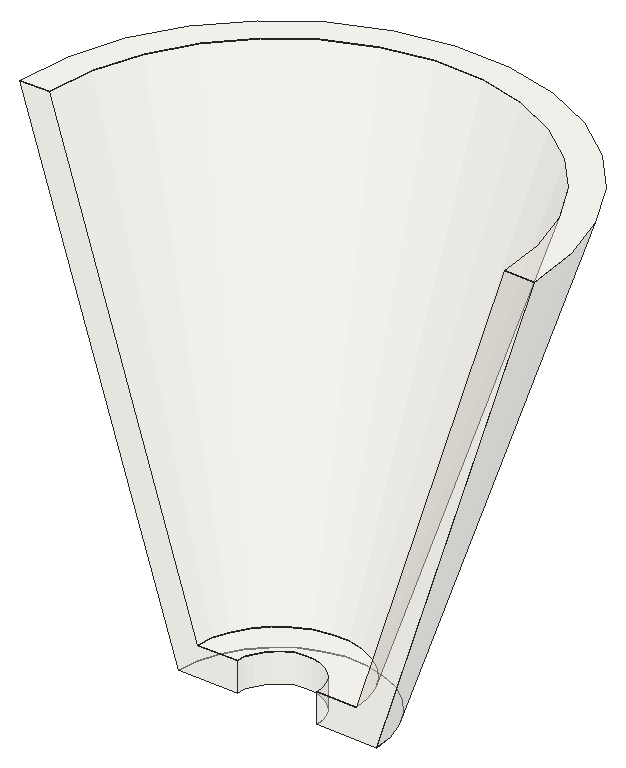
Revit family "M_Luminária de arandela - Luz indireta", category Luminárias, Revit 2019
Family settings
  Hospedeiro = Parede
  Cota do conector redondo = Utilizar diâmetro
  Tipo de parte = Normal
  Número OmniClass = 23.80.70.11.14.14
  Título OmniClass = Uplights
  ID de item do Seek = Sconce Light - Uplight-0000-CAN-ENU
  Sempre na vertical = Sim
  Corte com vazios quando carregada = Não
  Fonte luminosa = Sim
  Compartilhado = Não
  Ponto de cálculo do ambiente = Não
Parameters (values of type "100W - 120V")
  Wattage = 100 W
  built-in parameter 1150110 = 1 (stored number, unit not read)
  built-in parameter 1114217 = 1 (stored number, unit not read)
  built-in parameter 1150109 = 1 (stored number, unit not read)
  built-in parameter 1150134 = 4
  built-in parameter 1150113 = 1 (stored number, unit not read)
  built-in parameter 1150115 = 1 (stored number, unit not read)
  built-in parameter 1150105 = 381.97 (stored number, unit not read)
  Classificação de carga = Iluminação - Unidade de interrupção
  Light Source Symbol Size = 609.6 mm
  built-in parameter 1150137 = 1
  built-in parameter 1150139 = (empty or 0)
  built-in parameter 1150112 = 1 (stored number, unit not read)
  built-in parameter 1150114 = 1 (stored number, unit not read)
  built-in parameter 1150132 = (empty or 0)
  built-in parameter 1150102 = (empty or 0)
  built-in parameter 1150138 = (empty or 0)
  built-in parameter 1150107 = 2800 (stored number, unit not read)
  built-in parameter 1150106 = 3.8197 (stored number, unit not read)
  built-in parameter 1150104 = 1.1148 (stored number, unit not read)
  Dimming Lamp Color Temperature Shift = (empty or 0)
  Color Filter = 16777215
  built-in parameter 1140040 [instance] = 1
  Voltagem do transformador = 120 V
  Transformador por número de postes = 1
  built-in parameter 1114218 = 1 (stored number, unit not read)
  built-in parameter 1150133 = 10 (stored number, unit not read)
  Código de montagem = "D5020220"
  Lâmpada = "R-30"
  Lumens = 1200 lm
  Altura de montagem = 1900 mm
  Material de sombra = Vidro, Jateado
  Wattage Comments = ""
  Carga aparente = 100 VA
Types (5, lengths in mm): name | Wattage | built-in parameter 1150105 | built-in parameter 1150106 | built-in parameter 1150104 | Voltagem do transformador | Lâmpada | Lumens | Carga aparente
  (no name) | 100 W | 381.97 (stored number, unit not read) | 3.8197 (stored number, unit not read) | 1.1148 (stored number, unit not read) | 120 V | "R-30" | 1200 lm | 100 VA
  100W - 277V | 100 W | 381.97 (stored number, unit not read) | 3.8197 (stored number, unit not read) | 1.1148 (stored number, unit not read) | 277 V | "R-30" | 1200 lm | 100 VA
  100W - 120V | 100 W | 381.97 (stored number, unit not read) | 3.8197 (stored number, unit not read) | 1.1148 (stored number, unit not read) | 120 V | "R-30" | 1200 lm | 100 VA
  60W - 120V | 60 W | 272.15 (stored number, unit not read) | 2.7215 (stored number, unit not read) | 1.3239 (stored number, unit not read) | 120 V | "A-19" | 855 lm | 60 VA
  60W - 277V | 60 W | 272.15 (stored number, unit not read) | 2.7215 (stored number, unit not read) | 1.3239 (stored number, unit not read) | 277 V | "A-19" | 855 lm | 60 VA
Reference planes
  plane 1: y = 0
  plane 2 "Eixo de origem da luz": x = 0
  plane 3: z = 2103.2
  plane 4: z = 1696.8
  plane 5 "Elevação da origem da luz": z = 1900
  plane 6 "Eixo de origem da luz": y = 139.7
Forms (mm)
  Revolve 1, solid, material "Vidro, Jateado" <- "Material de sombra"
    sketch origin (-1524, 76.2, 0) x (-1, 0, 0) y (0, 0, 1)
      loop
        line (-1609.025, 1696.8) -> (-1558.225, 1696.8) -> (-1558.225, 1722.2) -> (-1592.137, 1722.2) -> (-1719.806, 2103.2) -> (-1745.206, 2103.2) -> (-1609.025, 1696.8)
      axis (-1524, 2103.2) -> (-1524, 1696.8)
    angle from 180 to 360
Lines and regions (mm)
  Masking region 1
    outline origin (0, 0, 0) x (1, 0, 0) y (0, 1, 0)
      loop
        line (-221.206, 76.2) -> (221.206, 76.2)
        arc (221.206, 76.2) -> (0, 297.406) -> (-221.206, 76.2) r 221.206
  Masking region 2
    outline origin (0, 0, 0) x (1, 0, 0) y (0, 1, 0)
      loop
        arc (221.206, 76.2) -> (0, 297.406) -> (-221.206, 76.2) r 221.206
        line (-221.206, 76.2) -> (221.206, 76.2)
  symbolic lines
    curve 1: arc (-68.137, 76.2, 0) -> (0, 144.337, 0) -> (68.137, 76.2, 0) r 68.137
    curve 3: arc (-195.806, 76.2, 0) -> (0, 272.006, 0) -> (195.806, 76.2, 0) r 195.806
  model lines, style "InvisibleLines"
    curve 2: line (0, 76.2, 1696.8) -> (0, 76.2, 0)
Text (mm)
  text "Parte frontal" at (0, 1019.848, 3124.603), in view "Direita"
  text "Parte frontal" at (-641.454, 723.012, 0), in view "Linha do piso"
  text "Parte frontal" at (0, 977.893, 2611.958), in view "Esquerda"
Dimensions and locks
  plane 4 to plane 3 = 406.4 mm
  host wall to plane 6 "Eixo de origem da luz" = 63.5 mm
  plane 5 "Elevação da origem da luz" to plane 3 = 203.2 mm
  "Altura de montagem": level to plane 5 "Elevação da origem da luz"
  locked: host wall to plane 6 "Eixo de origem da luz" at 63.5
  aligned and locked: curve 1 to Revolve 1
  aligned and locked: Masking region 1 sketch curve to Revolve 1
  aligned and locked: Masking region 2 sketch curve to Masking region 1
  aligned and locked: Masking region 2 sketch curve to Revolve 1
  aligned and locked: curve 3 to Revolve 1
  aligned and locked: imposter light to plane 2 "Eixo de origem da luz"
  aligned and locked: imposter light to plane 5 "Elevação da origem da luz"
  aligned and locked: plane 6 "Eixo de origem da luz" to imposter light
Automatic sketch dimensions
  curve 1 to curve 3 = 0 mm
  curve 1 to curve 1 = 68.137 mm
  curve 2 to plane 2 "Eixo de origem da luz" = 0 mm
  curve 2 to plane 4 = 0 mm
  curve 2 to level = 0 mm
  Revolve 1 sketch curve to plane 3 = 0 mm
  Revolve 1 sketch curve to plane 4 = 0 mm
  Revolve 1 sketch curve to plane 2 "Eixo de origem da luz" = 0 mm
  plane 2 "Eixo de origem da luz" to Revolve 1 sketch curve = 34.225 mm
  Revolve 1 sketch curve to Revolve 1 sketch curve = 33.911 mm
  Revolve 1 sketch curve to Revolve 1 sketch curve = 16.889 mm
  plane 2 "Eixo de origem da luz" to Revolve 1 sketch curve = 195.806 mm
  Revolve 1 sketch curve to Revolve 1 sketch curve = 25.4 mm
  plane 4 to Revolve 1 sketch curve = 64.826 mm
  Revolve 1 sketch curve to plane 4 = 25.4 mm
  Revolve 1 sketch curve to plane 5 "Elevação da origem da luz" = 36.774 mm
Connectors
  electrical at (0, 76.2, 1696.8), driven by "Carga aparente", driven by "Voltagem do transformador", driven by "Transformador por número de postes", driven by "Classificação de carga"
    settings: on Revolve 1, index 1, voltage 120 V, apparent load 0 VA, apparent load phase1 100 VA, apparent load phase2 0 VA, apparent load phase3 0 VA, power factor 0.95, load classification "Iluminação - Unidade de interrupção", number of poles 1, system type 31, power factor state 1, is connector primary yes, connector utility no, sub classification motor no, connector description ""
